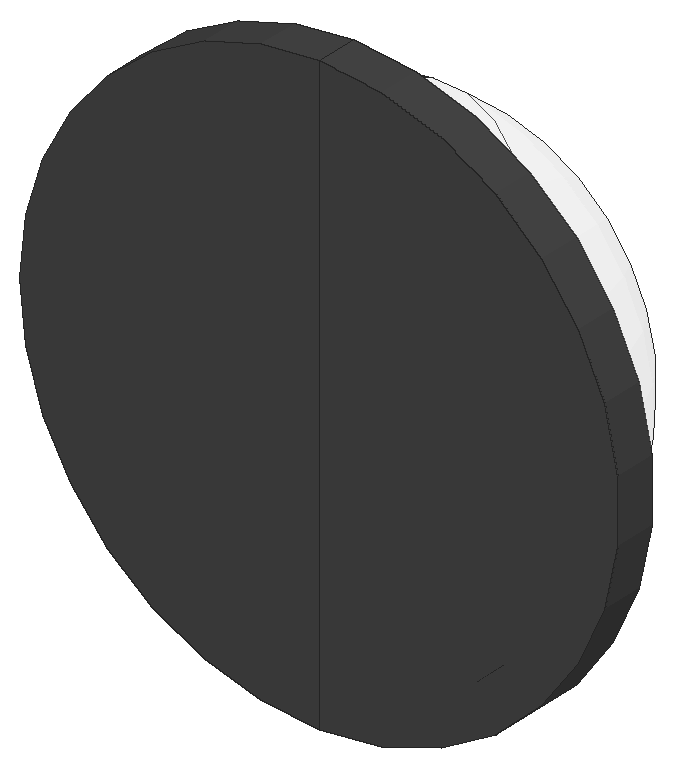
Revit family
Parameters (values of type "Wall Mounted")
  Wattage = 150 W
  built-in parameter 1150110 = 1 (stored number, unit not read)
  built-in parameter 1114217 = 1 (stored number, unit not read)
  built-in parameter 1150109 = 1 (stored number, unit not read)
  built-in parameter 1150134 = 3
  built-in parameter 1150113 = 1 (stored number, unit not read)
  Lumens = 2700 lm
  built-in parameter 1150115 = 1 (stored number, unit not read)
  built-in parameter 1150105 = 859.44 (stored number, unit not read)
  Light Source Symbol Size = 609.6 mm
  built-in parameter 1150137 = (empty or 0)
  built-in parameter 1150139 = (empty or 0)
  Light Fixture Material = Metal - Black
  built-in parameter 1150112 = 1 (stored number, unit not read)
  built-in parameter 1150114 = 1 (stored number, unit not read)
  Lamp Glass Material = Glass - White Frosted
  built-in parameter 1150132 = (empty or 0)
  built-in parameter 1150102 = (empty or 0)
  built-in parameter 1150138 = (empty or 0)
  built-in parameter 1150107 = 3200 (stored number, unit not read)
  built-in parameter 1150106 = 8.5944 (stored number, unit not read)
  Fixture Height = 2000 mm
  built-in parameter 1150104 = 1.6723 (stored number, unit not read)
  Dimming Lamp Color Temperature Shift = (empty or 0)
  Color Filter = 16777215
  built-in parameter 1114218 = 1 (stored number, unit not read)
  built-in parameter 1150133 = 10 (stored number, unit not read)
Reference planes
  plane 1: y = 0
  plane 2 "Light Source Axis (L/R)": x = 125
  plane 3 "Light Sheet Metal": y = 100
  plane 4 "Light Source Elevation": z = 2246.292
  plane 5: y = 75
  plane 6: z = 246.292
  plane 7 "Light Source Axis (F/R)": y = 250
Forms (mm)
  Revolve 1, solid, material "Metal - Black" <- "Light Fixture Material"
    sketch origin (125, 0, 3600) x (0, 1, 0) y (0, 0, -1)
      loop
        line (75, 1353.708) -> (80, 1353.708) -> (80, 1503.708) -> (100, 1503.708) -> (100, 1528.708) -> (75, 1528.708) -> (75, 1353.708)
      axis (75, 1353.708) -> (100, 1353.708)
    angle from 0 to 360
  Revolve 2, solid, material "Glass - White Frosted" <- "Lamp Glass Material"
    sketch origin (125, 0, 3600) x (0, 1, 0) y (0, 0, -1)
      loop
        line (80, 1503.708) -> (80, 1353.708) -> (230, 1353.708)
        arc (230, 1353.708) -> (193.359, 1453.286) -> (100, 1503.708) r 150
        line (100, 1503.708) -> (80, 1503.708)
      axis (80, 1353.708) -> (230, 1353.708)
    angle from 0 to 360
Text (mm)
  text "Placement Side" at (-1787.139, 1116.779, 0), in view "Ref. Level."
  text "Placement Side" at (0, 2110.396, 2986.058), in view "Left"
  text "Placement Side" at (0, 628.478, 3011.967), in view "Right"
Dimensions and locks
  level to plane 4 "Light Source Elevation" = 2000 mm
  "Fixture Height": plane 4 "Light Source Elevation" to plane 6
  locked: plane 7 "Light Source Axis (F/R)" to plane 3 "Light Sheet Metal" at 150
  locked: plane 3 "Light Sheet Metal" to plane 5 at 25
  aligned and locked: plane 6 to level
  aligned and locked: plane 2 "Light Source Axis (L/R)" to imposter light
  aligned and locked: plane 4 "Light Source Elevation" to imposter light
  aligned and locked: plane 3 "Light Sheet Metal" to imposter light
  aligned and locked: host wall to plane 5
Automatic sketch dimensions
  Revolve 1 sketch curve to host wall = 0 mm  (x2)
  Revolve 1 sketch curve to plane 4 "Light Source Elevation" = 0 mm  (x2)
  Revolve 1 sketch curve to plane 3 "Light Sheet Metal" = 0 mm
  Revolve 1 sketch curve to Revolve 1 sketch curve = 5 mm
  Revolve 1 sketch curve to plane 7 "Light Source Axis (F/R)" = 20 mm
  Revolve 1 sketch curve to plane 4 "Light Source Elevation" = 150 mm
  Revolve 1 sketch curve to Revolve 1 sketch curve = 25 mm
  Revolve 2 sketch curve to plane 4 "Light Source Elevation" = 0 mm  (x2)
  Revolve 2 sketch curve to plane 3 "Light Sheet Metal" = 0 mm
  Revolve 2 sketch curve to plane 4 "Light Source Elevation" = 1.339 mm
  host wall to Revolve 2 sketch curve = 5.006 mm
  Revolve 2 sketch curve to Revolve 2 sketch curve = 0.006 mm
  host wall to Revolve 2 sketch curve = 145 mm
  Revolve 2 sketch curve to plane 7 "Light Source Axis (F/R)" = 20 mm
  plane 7 "Light Source Axis (F/R)" to Revolve 2 sketch curve = 290 mm
